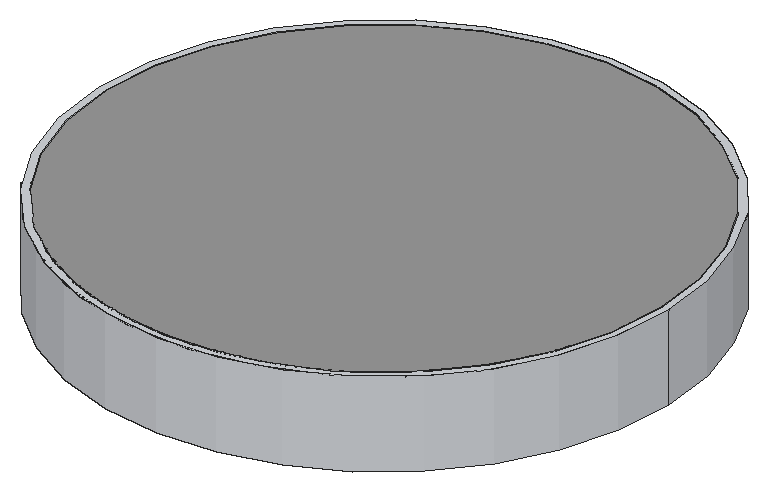
Revit family "2071121", category Lighting Fixtures, host Face, Revit 2018
Family settings
  Host = Face
  Round Connector Dimension = Use Diameter
  Part Type = Normal
  OmniClass Number = 23.80.70.00
  OmniClass Title = Lighting
  Cut with Voids When Loaded = No
  Light Source = Yes
  Shared = No
  Room Calculation Point = No
Parameters (values of type "2071121 COLOSSAL 400 940 OP DIR WHT")
  iner diameter = 390 mm
  Weight = "n/a"
  Wattage Comments = ""
  Wattage = 30 W
  WarrantyStartDate [instance] = "n/a"
  WarrantyGuarantorParts = "n/a"
  WarrantyDurationUnit = "n/a"
  WarrantyDurationParts = ""
  WarrantyDescription = "http://www.sylvania-lighting.com"
  built-in parameter 1150110 = 1 (stored number, unit not read)
  Voltage = 230 V
  URL = "0.95"
  TypeName = "COLOSSAL 400mm 940 OPAL DIR WHITE"
  Type Image = <None>
  Type Comments = "n/a"
  built-in parameter 1114217 = 1 (stored number, unit not read)
  Tilt Angle = -90.00°
  built-in parameter 1150109 = 1 (stored number, unit not read)
  built-in parameter 1150134 = (empty or 0)
  built-in parameter 1150113 = 1 (stored number, unit not read)
  SerialNumber [instance] = "n/a"
  Photometric Web File = "2071121.ies"
  Material_3_SYL = LED-Sylvania
  PowerFactor = 0
  PowerConsumption = "Lighting"
  NominalLength = 400 mm
  NominalHeight = 93 mm
  NominalDepth = 400 mm
  Name = "COLOSSAL 400mm 940 OPAL DIR WHITE"
  ModelReference = Name  # "COLOSSAL 400mm 940 OPAL DIR WHITE"
  ModelNumber = "2071121"
  Model = Name  # "COLOSSAL 400mm 940 OPAL DIR WHITE"
  Material = "Feilo Sylvania"
  ManufacturerName = "118 lm/W"
  Manufacturer = ""
  LuminousEfficacy = ""
  built-in parameter 1150105 = 270.44 (stored number, unit not read)
  Lumens = 3398.4 lm
  LuminaireType = "0"
  built-in parameter 1150115 = 1 (stored number, unit not read)
  LightOutputRatio = "LED"
  built-in parameter 1150137 = (empty or 0)
  built-in parameter 1150139 = (empty or 0)
  LampsType = Lamp  # "n/a"
  LampNominalLuminous = "4000 K"
  LampMacAdamStep = "90"
  LampColourTemperature = "LED"
  LampColourRenderingIndex = "16500"
  built-in parameter 1150112 = 1 (stored number, unit not read)
  built-in parameter 1150114 = 1 (stored number, unit not read)
  Lamp = "n/a"
  Keynote = "n/a"
  InstallationDate [instance] = "n/a"
  InputVoltage = "0"
  InputNominalFrequency = "4000"
  built-in parameter 1150132 = (empty or 0)
  built-in parameter 1150102 = (empty or 0)
  built-in parameter 1150107 = 3000 (stored number, unit not read)
  built-in parameter 1150138 = (empty or 0)
  IngressProtection = "IfcLightFixtureType"
  ImpactProtectionIndex = "IfcLightFixtureType"
  built-in parameter 1150106 = 2.7044 (stored number, unit not read)
  IfcExportType = "IfcLightFixtureType"
  IfcExportAs = "Class I"
  Emit from Circle Diameter = 385 mm
  Emit Shape Visible in Rendering = no
  ElectricShockClassification = "118"
  built-in parameter 1150104 = 10.524 (stored number, unit not read)
  DocumentationLiterature = "http://www.sylvania-lighting.com/product/en-int/products/2071121"
  DimmingControlOptions = "n/a"
  Material_2_SYL = Polycarbonate_Sylvania_White
  Dimming Lamp Color Temperature Shift = <None>
  Description = "400mm diameter circular architectural luminaire, can be surface mounted or suspended. Powder coated aluminium housing (RAL9016) with polycarbonate opal diffuser. Direct light distribution, 2200lm luminuous flux, 21W system power, 105lm/W luminiaire efficacy. Constant current driver. Colour rendering index Ra >90, 4000K Neutral White LED, chromaticity tolerance of 3-step MacAdam ellipse. IP40, IK03. 450mA drive current. Electrical protection Class1, 220-240V. Reported lifetime 66k hours L90B10."
  Default Elevation = 1219.2 mm
  CreatedOn = "22/03/2022"
  CreatedBy = "@sylvania-lighting.com"
  Cost = 0
  Color Filter = 16777215
  built-in parameter 1114216 [instance] = (empty or 0)
  ClassificationValue = "EF_70_80"
  ClassificationName = "Uniclass2015"
  Material_1_SYL = Polycarbonate_Sylvania_Opal
  BarCode [instance] = "n/a"
  built-in parameter 1114218 = 1 (stored number, unit not read)
  built-in parameter 1150133 = 10 (stored number, unit not read)
  AssetType = "Fixed"
  AssetIdentifier [instance] = "n/a"
  Assembly Code = "D5020200"
  Apparent Load = 16.4 VA
  Material_4_SYL = none
Reference planes
  plane 1 "Center (Front/Back)": y = 0
  plane 2: z = 0
  plane 3 "Center (Left/Right)": x = 0
  plane 4: x = -200
  plane 5: x = 200
  plane 6: y = 200
  plane 7: y = -200
  plane 8: y = 236
  plane 9: y = -236
  plane 10: z = 93
  plane 11: y = 195
  plane 12: y = -195
  plane 13: y = 90.5
  plane 14: y = 144.5
  plane 15: through (52.25, 90.5, 1219.2) normal (0.866, 0.5, 0)
  plane 16: through (52.25, 90.5, 1219.2) normal (0.866, 0.5, 0)
  plane 17: through (63.706, 126.657, 1219.2) normal (0.866, 0.5, 0)
  plane 18: through (-104.5, 0, 1219.2) normal (-0.866, 0.5, 0)
  plane 19: through (-142.394, -9.633, 1219.2) normal (-0.866, 0.5, 0)
  plane 20: y = -90.5
  plane 21: y = -118.5
  plane 22: through (85.371, -141.133, 1219.2) normal (-0.866, 0.5, 0)
  plane 23: through (52.25, -90.5, 1219.2) normal (-0.866, 0.5, 0)
  plane 24: through (-161.658, 0, 1219.2) normal (0.866, 0.5, 0)
  plane 25: through (-172.12, 9.121, 1219.2) normal (0.866, 0.5, 0)
  plane 26: through (-104.5, 0, 1219.2) normal (0.866, 0.5, 0)
Forms (mm)
  Extrusion 1, solid, detail levels medium+fine
    sketch origin (0, 0, 0) x (1, 0, 0) y (0, 1, 0)
      loop
        circle (0, 0) r 200
    from 33.023 to 93
  Extrusion 2, void
    sketch origin (0, 0, 0) x (1, 0, 0) y (0, 1, 0)
      loop
        circle (0, 0) r 195
    from 93 to 37.292
  Extrusion 3, solid, material "Glass, White, High Luminance", detail levels fine
    sketch origin (0, 0, 0) x (1, 0, 0) y (0, 1, 0)
      loop
        circle (0, 0) r 195
    from 88.026 to 93
  Extrusion 4, solid, detail levels coarse
    sketch origin (0, 0, 0) x (1, 0, 0) y (0, 1, 0)
      loop
        line (-200, 200) -> (-200, -200) -> (200, -200) -> (200, 200) -> (-200, 200)
    from 0 to 93
  Blend 5, solid, detail levels medium+fine
    base sketch origin (0, 0, 0) x (1, 0, 0) y (0, 1, 0)
      loop
        line (-52.25, 90.5) -> (-104.5, 0) -> (-52.25, -90.5) -> (52.25, -90.5) -> (104.5, 0) -> (52.25, 90.5) -> (-52.25, 90.5)
    top sketch origin (0, 0, 0) x (1, 0, 0) y (0, 1, 0)
      loop
        line (-53.405, 144.5) -> (-149.245, -21.5) -> (-93.242, -118.5) -> (98.438, -118.5) -> (151.843, -26) -> (53.405, 144.5) -> (-53.405, 144.5)
    from 0 to 33.023
Cuts and joins
  Extrusion 2 cuts Extrusion 1
Dimensions and locks
  "NominalDepth": plane 6 to plane 7
  "NominalLength": plane 4 to plane 5
  equal spacing: plane 4, plane 3 "Center (Left/Right)", plane 5
  "iner diameter": plane 11 to plane 12
  equal spacing: plane 11, plane 1 "Center (Front/Back)", plane 12
  equal spacing: plane 6, plane 1 "Center (Front/Back)", plane 7
  "NominalHeight": plane 10 to level
  plane 19 to plane 18 = 28 mm
  radius of Extrusion 2 sketch curve = 195 mm
  aligned and locked: plane 2 to host face
  aligned and locked: level to host face
Automatic sketch dimensions
  host sketch curve to host sketch curve = 2438.4 mm  (x2)
  plane 1 "Center (Front/Back)" to Extrusion 1 sketch curve = 0 mm
  Extrusion 1 sketch curve to plane 3 "Center (Left/Right)" = 0 mm
  plane 1 "Center (Front/Back)" to Extrusion 2 sketch curve = 0 mm
  Extrusion 2 sketch curve to plane 3 "Center (Left/Right)" = 0 mm
  plane 1 "Center (Front/Back)" to Extrusion 3 sketch curve = 0 mm
  Extrusion 3 sketch curve to plane 3 "Center (Left/Right)" = 0 mm
  Extrusion 4 sketch curve to plane 4 = 0 mm
  Extrusion 4 sketch curve to plane 5 = 0 mm
  Extrusion 4 sketch curve to plane 7 = 0 mm
  Extrusion 4 sketch curve to plane 6 = 0 mm
  Blend 5 sketch curve to plane 19 = 0 mm  (x2)
  Blend 5 sketch curve to plane 24 = 0 mm  (x2)
  Blend 5 sketch curve to plane 21 = 0 mm
  Blend 5 sketch curve to plane 14 = 0 mm
  Blend 5 sketch curve to plane 17 = 0 mm  (x2)
  Blend 5 sketch curve to plane 22 = 0 mm  (x2)
  radius of Extrusion 1 sketch curve = 200 mm
  radius of Extrusion 3 sketch curve = 195 mm
Connectors
  electrical at (0, 0, 0), driven by "Apparent Load", driven by "PowerFactor", driven by "Voltage"
    settings: index 1, voltage 230 V, apparent load 16.4 VA, apparent load phase1 0 VA, apparent load phase2 0 VA, apparent load phase3 0 VA, power factor 0, load classification "Lighting", number of poles 1, system type 30, power factor state 1, is connector primary yes, connector utility no, sub classification motor no, connector description ""
